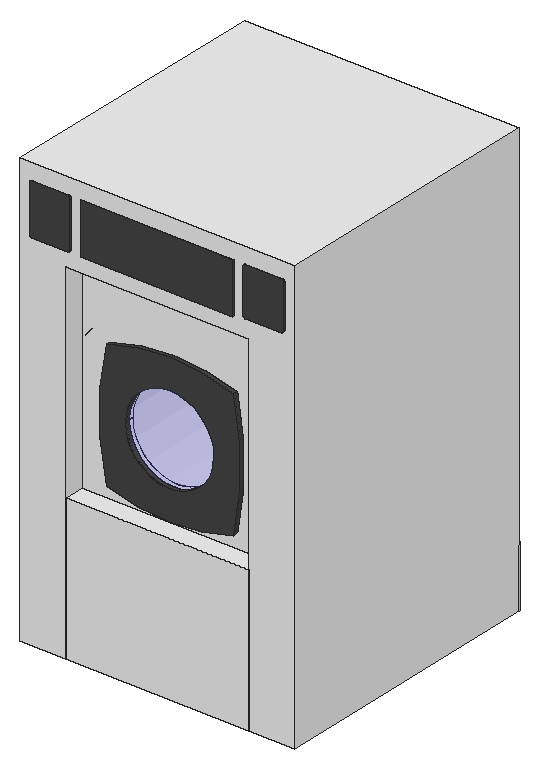
Revit family
Parameters (values of type "M-SERIES")
  Water_Pressure = "0"
  Water_Flow_Rate = "0"
  Warranty Duration (Years) = 0
  VOLTAGE = 120 V
  URL = "http://www.continentalgirbau.com"
  Trim Material = Painted Metal - Black
  Three Phase = 0 VA
  Test Data = ""
  Specification = "http://www.arcat.com/sd/clients/cogirbau.html?coid=44467"
  SpecWizard = "http://www.arcat.com/specwizard/11110con/index.htm?mf=&coid=44467"
  Single Phase = 0 VA
  Shell Material = Stainless Steel
  Send Message = "http://admin.arcat.com/users.pl?action=UserEmail&company=Continental%20Girbau,%20Inc.&coid=44467&rep=132&fax=920-231-4666 &mf="
  Sales Information = ""
  Product Properties = "http://www.arcat.com/bim/bim_info.pl?fn=Commercial_Washer"
  Product Data = "http://www.arcat.com/arcatcos/cos44/arc44467.html"
  Perf_WashSpeed = "50 rpm"
  Perf_SpinSpeed = "50/100/300/400/500/600 rpm"
  Perf_G-Force = ".75/3/27/48/75/108 G"
  OpeningCL = DoorOpening / 2  # 0' - 6.34961"
  Model = "Generic"
  Mech_Waste = 0' - 2"
  Mech_Steam-Pressure = "0 psi"
  Mech_Steam-Flow = "0 lbs/hr"
  Mech_Steam = 0' - 0"
  Mech_HW = 0' - 0 3/4"
  Mech_CW = 0' - 0 3/4"
  Manufacturer Website = "http://www.continentalgirbau.com"
  Manufacturer Phone - Toll Free = "800-256-1073 "
  Manufacturer Phone = "920-231-8222 "
  Manufacturer Fax = "920-231-4666 "
  Manufacturer Address = "2500 State Rd. 44; Oshkosh; WI 54904\r\n"
  Manufacturer = "Continental Girbau, Inc.\r\n"
  Maintenance Schedule (Months) = 0
  MachWidth = 2' - 3"
  MachHeight = 3' - 6 1/2"
  MachDepth = 2' - 3 77/128"
  LwrPanHt = MachHeight / 3  # 1' - 2.16667"
  Keynote = "11 23 00"
  Installation-Fabrication = ""
  Installation Phase = "Interior Fittings"
  InstWidth = 1' - 6"
  Green Building-LEED = "http://www.arcat.com/green/clients/leed_data_44467.html"
  GlassCL = OpeningCL - 0' 2"  # 0' - 4.34961"
  Fr_FaceWdth = MachWidth / 6  # 0' - 4 1/2"
  Expected Lifespan (Years) = 0
  Drawn By = "Robert S. Weygant, CSI, CDT, SCIP"
  DoorOpening = 1' - 0 179/256"
  DoorHeight = 1' - 3 51/128"
  Description = "Commercial Washer"
  Cyl_Diam = CylRad * 2  # 1' - 9 13/128"
  Cyl_Depth = 1' - 5 77/256"
  CylRad = 0' - 10 141/256"
  Copyright = "2009, ARCAT, Inc."  # constant formula
  Construction Details = "http://www.arcat.com/details/cogirbau/cogirbau.html?coid=44467"
  Capacity_Weight = 25
  Capacity_Volume = (3.1416 * (CylRad ^ 2)) * Cyl_Depth  # 0.099148 m³
  Building Codes = ""
  Assembly Code = "E1010610"
Reference planes (in)
  plane 1 "Front": y = 0
  plane 2: z = 0
  plane 3 "Center (Left/Right)": x = 4.36029
  plane 4: x = -9.13971
  plane 5: x = 17.86029
  plane 6: y = 27.60156
  plane 7: z = 42.5
  plane 8: z = 21.74805
  plane 9: z = 15.39844
  plane 10 "DoorFront": y = 2
  plane 11: y = 19.30078
Forms (in)
  Extrusion 1, solid, material "Stainless Steel" <- "Shell Material"
    sketch origin (0, 0, 0) x (1, 0, 0) y (0, 1, 0)
      loop
        line (-9.13971, 0) -> (-4.63971, 0) -> (-4.63971, 2) -> (13.36029, 2) -> (13.36029, 0) -> (17.86029, 0) -> (17.86029, 27.60156) -> (-9.13971, 27.60156) -> (-9.13971, 0)
    from 0 to 42.5
  Extrusion 2, solid, material "Painted Metal - Black" <- "Trim Material"
    sketch origin (0, 2, -19.15039) x (-1, 0, 0) y (0, 0, 1)
      loop
        arc (-10.61029, 47.14844) -> (-11.29239, 40.89844) -> (-10.61029, 34.64844) r 28.97508
        arc (-10.61029, 34.64844) -> (-4.36029, 33.6311) -> (1.88971, 34.64844) r 19.70705
        arc (1.88971, 34.64844) -> (2.57181, 40.89844) -> (1.88971, 47.14844) r 28.97508
        arc (1.88971, 47.14844) -> (-4.36029, 48.16578) -> (-10.61029, 47.14844) r 19.70705
      loop
        circle (-4.36029, 40.89844) r 4.34961
    from 0.5 to -0.44042
  Extrusion 3, void
    sketch origin (0, 2, -19.15039) x (-1, 0, 0) y (0, 0, 1)
      loop
        circle (-4.36029, 40.89844) r 10.55078
    from 0.25 to 17.30078
  Extrusion 4, void
    sketch origin (0, 2, 0) x (-1, 0, 0) y (0, 0, 1)
      loop
        circle (-4.36029, 21.74805) r 6.34961
    from 0 to 0.5
  Extrusion 5, solid, material "Stainless Steel" <- "Shell Material"
    sketch origin (0, 2, 0) x (-1, 0, 0) y (0, 0, 1)
      loop
        line (4.63971, 42.5) -> (-13.36029, 42.5) -> (-13.36029, 34.5) -> (4.63971, 34.5) -> (4.63971, 42.5)
    from 0 to -2
  Extrusion 6, solid, material "Stainless Steel"
    sketch origin (0, 2, 0) x (-1, 0, 0) y (0, 0, 1)
      loop
        line (4.63971, 0) -> (4.63971, 14.16667) -> (-13.36029, 14.16667) -> (-13.36029, 0) -> (4.63971, 0)
    from 0 to -2
  Extrusion 7, solid, material "Glass"
    sketch origin (0, 2, -19.15039) x (-1, 0, 0) y (0, 0, 1)
      loop
        circle (-4.36029, 40.89844) r 4.34961
    from 0 to 0.5
  Extrusion 8, solid, material "Painted Metal - Black" <- "Trim Material"
    sketch origin (0, 0, 0) x (1, 0, 0) y (0, 0, 1)
      loop
        line (-8.13971, 40.69557) -> (-8.13971, 36.19487)
        arc (-8.13971, 36.19487) -> (-8.0667, 36.01861) -> (-7.89045, 35.9456) r 0.24926
        line (-7.89045, 35.9456) -> (-4.39112, 35.9456)
        arc (-4.39112, 35.9456) -> (-4.21451, 36.01876) -> (-4.14135, 36.19538) r 0.24977
        line (-4.14135, 36.19538) -> (-4.14135, 40.69506)
        arc (-4.14135, 40.69506) -> (-4.21451, 40.87168) -> (-4.39112, 40.94483) r 0.24977
        line (-4.39112, 40.94483) -> (-7.89045, 40.94483)
        arc (-7.89045, 40.94483) -> (-8.0667, 40.87183) -> (-8.13971, 40.69557) r 0.24926
      loop
        line (-3.14135, 40.94522) -> (-3.14135, 35.94522) -> (11.85906, 35.94522) -> (11.85906, 40.94522) -> (-3.14135, 40.94522)
      loop
        line (13.10923, 36.17927) -> (16.60974, 36.17927)
        arc (16.60974, 36.17927) -> (16.7869, 36.25266) -> (16.86029, 36.42983) r 0.25055
        line (16.86029, 36.42983) -> (16.86029, 40.69496)
        arc (16.86029, 40.69496) -> (16.7869, 40.87212) -> (16.60974, 40.94551) r 0.25055
        line (16.60974, 40.94551) -> (13.10923, 40.94551)
        arc (13.10923, 40.94551) -> (12.93233, 40.87223) -> (12.85906, 40.69534) r 0.25017
        line (12.85906, 40.69534) -> (12.85906, 36.42944)
        arc (12.85906, 36.42944) -> (12.93233, 36.25255) -> (13.10923, 36.17927) r 0.25017
    from 0 to 0.0625
  Extrusion 9, solid
    sketch origin (0, 0, 0) x (1, 0, 0) y (0, 0, 1)
      loop
        line (17.86029, 0) -> (17.86029, 6) -> (11.86029, 6) -> (11.86029, 0) -> (17.86029, 0)
    from -27.66406 to -27.60156
  Extrusion 10, solid
    sketch origin (-14.09961, 0, 12) x (1, 0, 0) y (0, 0, 1)
      loop
        line (21.4599, 0) -> (21.4599, 6) -> (15.4599, 6) -> (15.4599, 0) -> (21.4599, 0)
    from -27.66406 to -27.60156
  Extrusion 11, solid
    sketch origin (-7.59961, 0, 28.5) x (1, 0, 0) y (0, 0, 1)
      loop
        line (21.4599, 0) -> (21.4599, 6) -> (15.4599, 6) -> (15.4599, 0) -> (21.4599, 0)
    from -27.66406 to -27.60156
  Extrusion 12, solid
    sketch origin (-20.59961, 0, 28.5) x (1, 0, 0) y (0, 0, 1)
      loop
        line (21.4599, 0) -> (21.4599, 6) -> (15.4599, 6) -> (15.4599, 0) -> (21.4599, 0)
    from -27.66406 to -27.60156
  Extrusion 13, solid
    sketch origin (-21.59961, 0, 12) x (1, 0, 0) y (0, 0, 1)
      loop
        line (21.4599, 0) -> (21.4599, 6) -> (15.4599, 6) -> (15.4599, 0) -> (21.4599, 0)
    from -27.66406 to -27.60156
Cuts and joins
  Extrusion 3, Extrusion 4 cuts Extrusion 1
  joined: Extrusion 1, Extrusion 5
  Extrusion 3, Extrusion 4 cuts Extrusion 2
Lines and regions (in)
  Split face 1
    outline origin (13.36029, 0, 42.5) x (0, 0, -1) y (1, 0, 0)
      loop
        line (7.25, -22.5) -> (7.25, 4.5)
  Split face 2
    outline origin (13.36029, 0, 42.5) x (0, 0, -1) y (1, 0, 0)
      loop
        line (0.75, -22.5) -> (0.75, 4.5)
  symbolic lines
    curve 1: line (8.61029, 2, 0) -> (6.61029, 2, 0)
    curve 2: line (8.61029, -10.69922, 0) -> (8.61029, 2, 0)
    curve 3: line (6.61029, -10.69922, 0) -> (8.61029, -10.69922, 0)
    curve 4: line (6.61029, 2, 0) -> (6.61029, -10.69922, 0)
    curve 5: arc (8.61029, -10.69922, 0) -> (0.26527, -7.5724, 0) -> (-3.9703, 0.26829, 0) r 12.69922
Dimensions and locks (in)
  "MachWidth": plane 4 to plane 5
  "MachDepth": plane 1 "Front" to plane 6
  equal spacing: plane 4, plane 3 "Center (Left/Right)", plane 5
  "MachHeight": plane 7 to plane 2
  "Fr_FaceWdth": Extrusion 1 to Extrusion 1  (x2)
  locked: Extrusion 1 sketch curve to Extrusion 1 sketch curve at 2
  "DoorHeight": plane 9 to plane 2
  "OpeningCL": plane 8 to plane 9
  "Cyl_Depth": plane 11 to plane 10 "DoorFront"
  locked: Extrusion 5 sketch curve to Extrusion 5 sketch curve at 8
  "LwrPanHt": Extrusion 6 sketch curve to Extrusion 6 sketch curve
  "DoorOpening": curve 3 to curve 1
  locked: Extrusion 8 sketch curve to Extrusion 8 sketch curve at 3.99836
  locked: Extrusion 8 sketch curve to Extrusion 8 sketch curve at 4.00123
  locked: cut or joined group of Extrusion 1, Extrusion 3, Extrusion 4, Extrusion 5 to Extrusion 9 sketch curve at 6  (x2)
  locked: Extrusion 9 to cut or joined group of Extrusion 1, Extrusion 3, Extrusion 4, Extrusion 5 at 0.0625
  locked: Extrusion 10 sketch curve to Extrusion 10 sketch curve at 6  (x2)
  equal spacing: Extrusion 10 sketch curve, plane 3 "Center (Left/Right)", Extrusion 10 sketch curve
  locked: cut or joined group of Extrusion 1, Extrusion 3, Extrusion 4, Extrusion 5 to Extrusion 10 at 12
  locked: Extrusion 11 sketch curve to Extrusion 11 sketch curve at 6  (x2)
  Extrusion 11 sketch curve to Extrusion 11 sketch curve = 0' - 6"
  locked: Extrusion 11 to cut or joined group of Extrusion 1, Extrusion 3, Extrusion 4, Extrusion 5 at 8
  locked: cut or joined group of Extrusion 1, Extrusion 3, Extrusion 4, Extrusion 5 to Extrusion 11 at 4
  locked: Extrusion 12 sketch curve to Extrusion 12 sketch curve at 6  (x2)
  Extrusion 12 sketch curve to Extrusion 12 sketch curve = 0' - 6"
  locked: cut or joined group of Extrusion 1, Extrusion 3, Extrusion 4, Extrusion 5 to Extrusion 12 at 4
  locked: Extrusion 12 to cut or joined group of Extrusion 1, Extrusion 3, Extrusion 4, Extrusion 5 at 8
  locked: Extrusion 13 sketch curve to Extrusion 13 sketch curve at 6  (x2)
  Extrusion 13 sketch curve to Extrusion 13 sketch curve = 0' - 6"
  locked: cut or joined group of Extrusion 1, Extrusion 3, Extrusion 4, Extrusion 5 to Extrusion 13 at 3
  locked: cut or joined group of Extrusion 1, Extrusion 3, Extrusion 4, Extrusion 5 to Extrusion 13 at 12
  locked: Extrusion 8 sketch curve to plane 4 at 1
  locked: Extrusion 8 sketch curve to plane 5 at 1
  Extrusion 8 sketch curve to Extrusion 8 sketch curve = 0' - 1"
  locked: Extrusion 8 sketch curve to Extrusion 8 sketch curve at 1
  locked: plane 10 "DoorFront" to cut or joined group of Extrusion 2, Extrusion 3, Extrusion 4 at 0.44042
  "CylRad": radius of Extrusion 3 sketch curve
  "OpeningCL": radius of Extrusion 4 sketch curve
  "GlassCL": radius of Extrusion 7 sketch curve
  "GlassCL": radius of Extrusion 2 sketch curve
  aligned and locked: plane 4 to Extrusion 1
  aligned and locked: plane 5 to Extrusion 1
  aligned and locked: plane 1 "Front" to Extrusion 1
  aligned and locked: plane 6 to Extrusion 1
  aligned and locked: plane 7 to Extrusion 1
  aligned and locked: plane 10 "DoorFront" to Extrusion 1
  aligned and locked: plane 11 to cut or joined group of Extrusion 1, Extrusion 3, Extrusion 4, Extrusion 5
  aligned and locked: Extrusion 5 sketch curve to plane 7
  aligned and locked: Extrusion 5 to cut or joined group of Extrusion 1, Extrusion 3, Extrusion 4, Extrusion 5  (x2)
  aligned and locked: Extrusion 6 sketch curve to plane 2
  aligned and locked: Extrusion 6 to cut or joined group of Extrusion 1, Extrusion 3, Extrusion 4, Extrusion 5  (x2)
  aligned and locked: plane 8 to Extrusion 7
  aligned and locked: plane 8 to cut or joined group of Extrusion 1, Extrusion 3, Extrusion 4, Extrusion 5
  aligned and locked: Extrusion 9 sketch curve to cut or joined group of Extrusion 1, Extrusion 3, Extrusion 4, Extrusion 5  (x2)
  aligned and locked: Extrusion 9 to plane 6
  aligned and locked: Extrusion 10 to cut or joined group of Extrusion 1, Extrusion 3, Extrusion 4, Extrusion 5
  aligned and locked: Extrusion 10 to Extrusion 9
  aligned and locked: Extrusion 12 to plane 6
  aligned and locked: Extrusion 12 to Extrusion 9
  aligned and locked: Extrusion 11 to plane 6
  aligned and locked: Extrusion 11 to Extrusion 9
  aligned and locked: Extrusion 13 to cut or joined group of Extrusion 1, Extrusion 3, Extrusion 4, Extrusion 5
  aligned and locked: Extrusion 13 to Extrusion 9
Automatic sketch dimensions
  curve 4 to plane 10 "DoorFront" = 0' - 0"
  curve 5 to plane 10 "DoorFront" = 0' - 0"
  curve 5 to plane 1 "Front" = 0' - 0.26829"
  plane 4 to curve 5 = 0' - 5.16941"
  curve 4 to curve 2 = 0' - 2"
  Extrusion 1 sketch curve to plane 4 = 0' - 0"
  Extrusion 1 sketch curve to plane 10 "DoorFront" = 0' - 0"
  Extrusion 1 sketch curve to plane 1 "Front" = 0' - 0"
  Extrusion 1 sketch curve to plane 5 = 0' - 0"
  Extrusion 1 sketch curve to plane 6 = 0' - 0"
  plane 4 to Extrusion 1 sketch curve = 0' - 4 1/2"
  plane 5 to Extrusion 1 sketch curve = 0' - 4 1/2"
  Extrusion 3 sketch curve to plane 3 "Center (Left/Right)" = 0' - 0"
  Extrusion 3 sketch curve to plane 8 = 0' - 0"
  Extrusion 4 sketch curve to plane 3 "Center (Left/Right)" = 0' - 0"
  Extrusion 4 sketch curve to plane 8 = 0' - 0"
  plane 5 to Extrusion 5 sketch curve = 0' - 4 1/2"
  plane 4 to Extrusion 5 sketch curve = 0' - 4 1/2"
  plane 5 to Extrusion 6 sketch curve = 0' - 4 1/2"
  plane 4 to Extrusion 6 sketch curve = 0' - 4 1/2"
  Extrusion 7 sketch curve to plane 3 "Center (Left/Right)" = 0' - 0"
  Extrusion 7 sketch curve to plane 8 = 0' - 0"
  Extrusion 10 sketch curve to plane 9 = 0' - 3 51/128"
  plane 3 "Center (Left/Right)" to Extrusion 11 sketch curve = 0' - 3 1/2"
  plane 8 to Extrusion 11 sketch curve = 0' - 6.75195"
  plane 4 to Extrusion 12 sketch curve = 0' - 4"
  plane 8 to Extrusion 12 sketch curve = 0' - 6.75195"
  plane 4 to Extrusion 13 sketch curve = 0' - 3"
  Extrusion 13 sketch curve to plane 9 = 0' - 3 51/128"
  Split face 1 sketch curve to cut or joined group of Extrusion 1, Extrusion 3, Extrusion 4, Extrusion 5 = 0' - 0"  (x2)
  Split face 1 sketch curve to cut or joined group of Extrusion 1, Extrusion 3, Extrusion 4, Extrusion 5 = 0' - 0 3/4"
  Split face 2 sketch curve to cut or joined group of Extrusion 1, Extrusion 3, Extrusion 4, Extrusion 5 = 0' - 0"  (x2)
  Split face 2 sketch curve to cut or joined group of Extrusion 1, Extrusion 3, Extrusion 4, Extrusion 5 = 0' - 0 3/4"
  Extrusion 8 sketch curve to Extrusion 8 sketch curve = 0' - 0.24926"  (x2)
  Extrusion 8 sketch curve to Extrusion 8 sketch curve = 0' - 0.24977"  (x2)
  Extrusion 8 sketch curve to plane 7 = 0' - 1.80466"
  Extrusion 8 sketch curve to Extrusion 8 sketch curve = 0' - 0.25017"  (x2)
  Extrusion 8 sketch curve to Extrusion 8 sketch curve = 0' - 0.25055"  (x2)
  Extrusion 8 sketch curve to Extrusion 8 sketch curve = 0' - 4.26513"
  Extrusion 8 sketch curve to plane 7 = 0' - 6.30462"
  Extrusion 8 sketch curve to Extrusion 8 sketch curve = 0' - 0.25016"
  Extrusion 8 sketch curve to plane 7 = 0' - 1.80494"
  Extrusion 8 sketch curve to plane 7 = 0' - 1.55478"
  Extrusion 2 sketch curve to plane 8 = 0' - 0"  (x3)
  Extrusion 2 sketch curve to plane 3 "Center (Left/Right)" = 0' - 0"  (x3)
  plane 9 to Extrusion 2 sketch curve = 0' - 0.09961"  (x2)
  plane 3 "Center (Left/Right)" to Extrusion 2 sketch curve = 0' - 6 1/4"  (x2)
  Extrusion 2 sketch curve to plane 5 = 0' - 8 139/256"
  Extrusion 2 sketch curve to plane 4 = 0' - 8 139/256"
  Extrusion 2 sketch curve to plane 9 = 0' - 6.09011"
  Extrusion 2 sketch curve to plane 7 = 0' - 8.31224"
Connectors (in)
  electrical at (14.86029, 27.66406, 3), driven by "VOLTAGE", driven by "Single Phase", driven by "Three Phase"
    settings: on Extrusion 9, index 1
  piping at (4.36029, 27.66406, 15), driven by "Mech_Waste"
    settings: on Extrusion 10, index 2
  piping at (10.86029, 27.66406, 31.5), driven by "Mech_HW"
    settings: on Extrusion 11, index 3
  piping at (-2.13971, 27.66406, 31.5), driven by "Mech_CW"
    settings: on Extrusion 12, index 4
  piping at (-3.13971, 27.66406, 15), driven by "Mech_Steam"
    settings: on Extrusion 13, index 5
